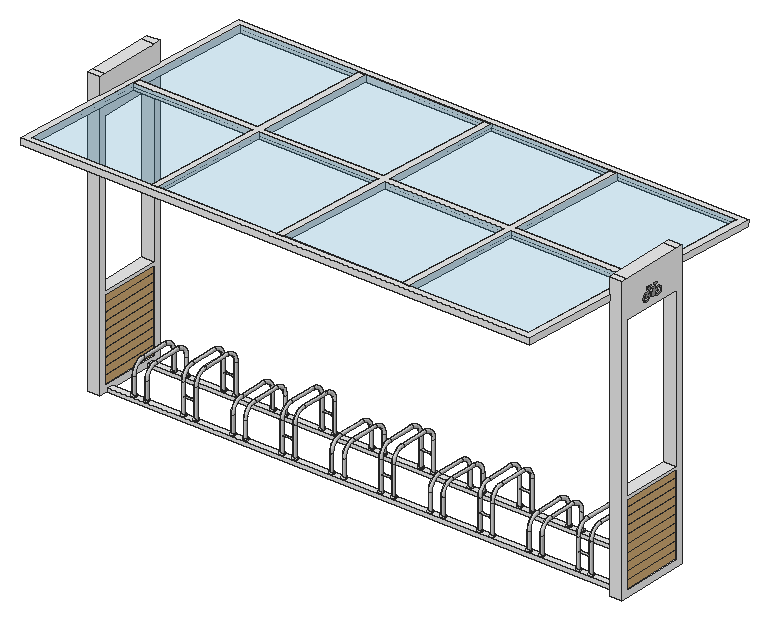
Revit family "L-FUM_자전거보관대_DWC-185_데오스웍스", category 일반 모델, Revit 2019
Family settings
  보강 철근 호스트 가능 = 아니오
  원형 커넥터 치수 = 지름 사용
  부품 유형 = 보통
  작업 기준면 기반 = 아니오
  항상 수직 = 예
  로드될 때 보이드를 사용하여 절단 = 아니오
  공유 = 아니오
  룸 계산 점 = 아니오
Parameters
  한국산업규격KS = ""
  조달청표준공사코드-세부공종 = "24211144"
  건설정보분류체계-부위분류 = "E94390"
  LIM_INFO_주의사항 = "재배포, 재가공, 판매 금지"
  LIM_INFO_제품업체 = "데오스웍스"
  LIM_INFO_제품번호 = "DWC-185"
  LIM_INFO_제품명 = "자전거보관대_DWC-185"
  LIM_INFO_제작일 = "2021.12."
  LIM_INFO_재료 = "Stl Plate, Stl Pipe"
  LIM_INFO_업체정보 = ""
  LIM_INFO_업체URL = "https://www.deosworks.com"
  LIM_INFO_업체TEL = "02-862-3444"
  LIM_INFO_업체EMAIL = "info@deosworks.com"
  LIM_INFO_버전 = "2022_V01"
  LIM_INFO_기타정보 = ""
  LIM_INFO_규격 = "W4300 x D2200 x H2300"
  LIM_INFO_가격 = 0
  LIM_INFO_PV_포장재여부 = yes
  LIM_INFO_PV_면적 = 0.00 m²
  KBIMS_식별-버전 = ""
  KBIMS_식별-bSK등록번호 = ""
  KBIMS_보급정보-저작자 = "림인포테크_MMJ"
  KBIMS_보급정보-보급코드 = ""
Reference planes
  plane 1 "중심(앞/뒤)": y = 0
  plane 2: z = 0
  plane 3 "중심(왼쪽/오른쪽)": x = 0
Dimensions and locks
  aligned and locked: level to plane 2
Nested families
  nested 1: "DWC-185_base" at (0, 0, 0), type "DWC-185_base"
Definition of nested family "DWC-185_base"
  Reference planes
    plane 1 "중심(앞/뒤)": y = 0
    plane 2: z = 0
    plane 3 "중심(왼쪽/오른쪽)": x = 0
  Forms (mm)
    Extrusion 1, solid, detail levels fine
      sketch origin (0, 0, 0) x (0, 1, 0) y (0, 0, 1)
        loop
          line (550, 2300) -> (50, 2300) -> (0, 2300) -> (0, 0) -> (50, 0) -> (550, 0) -> (600, 0) -> (600, 2300) -> (550, 2300)
        loop
          line (50, 2000) -> (50, 725) -> (550, 725) -> (550, 2000) -> (50, 2000)
        loop
          line (50, 705) -> (50, 50) -> (550, 50) -> (550, 705) -> (50, 705)
      from 0 to 100
    Extrusion 2, solid, detail levels fine
      sketch origin (0, 0, 0) x (0, 1, 0) y (0, 0, 1)
        loop
          line (319.966, 2123.881) -> (273.222, 2123.881)
          arc (273.222, 2123.881) -> (271.522, 2120.638) -> (269.769, 2117.424) r 222.477
          line (269.769, 2117.424) -> (300.653, 2087.68) -> (310.305, 2087.68) -> (319.966, 2123.881)
        loop
          arc (336.18, 2105.777) -> (377.684, 2056.828) -> (340.121, 2108.863) r 32.113
          line (340.121, 2108.863) -> (325.965, 2126.944) -> (328.019, 2134.64) -> (333.134, 2141.715) -> (336.031, 2140.514) -> (337.274, 2140.183) -> (338.544, 2139.993) -> (339.664, 2139.97) -> (340.878, 2140.108) -> (342.411, 2140.465) -> (343.522, 2140.885) -> (344.606, 2141.486) -> (345.556, 2142.233)
          arc (345.556, 2142.233) -> (347.195, 2144.644) -> (347.144, 2147.559) r 4.818
          arc (347.144, 2147.559) -> (346.757, 2148.376) -> (346.192, 2149.081) r 3.879
          arc (346.192, 2149.081) -> (345.451, 2149.71) -> (344.625, 2150.22) r 6.463
          arc (344.625, 2150.22) -> (343.542, 2150.662) -> (342.398, 2150.901) r 6.463
          arc (342.398, 2150.901) -> (341.18, 2150.961) -> (339.966, 2150.858) r 9.173
          arc (339.966, 2150.858) -> (336.322, 2149.914) -> (332.582, 2149.495) r 26.522
          arc (332.582, 2149.495) -> (327.12, 2150.056) -> (321.716, 2151.022) r 73.714
          arc (321.716, 2151.022) -> (318.246, 2151.394) -> (314.776, 2151.022) r 16.329
          arc (314.776, 2151.022) -> (313.863, 2149.796) -> (314.776, 2148.57) r 1.279
          line (314.776, 2148.57) -> (321.48, 2146.572) -> (328.565, 2143.939) -> (323.421, 2136.824) -> (321.302, 2128.887) -> (275.714, 2128.887)
          arc (275.714, 2128.887) -> (280.627, 2139.811) -> (284.943, 2150.984) r 222.061
          line (284.943, 2150.984) -> (250.439, 2150.984)
          arc (250.439, 2150.984) -> (241.433, 2141.977) -> (250.439, 2132.971) r 9.006
          line (250.439, 2132.971) -> (260.199, 2132.971)
          arc (260.199, 2132.971) -> (262.749, 2135.521) -> (260.199, 2138.072) r 2.551
          line (260.199, 2138.072) -> (250.439, 2138.072)
          arc (250.439, 2138.072) -> (246.486, 2142.025) -> (250.439, 2145.978) r 3.953
          line (250.439, 2145.978) -> (277.725, 2145.978)
          arc (277.725, 2145.978) -> (269.304, 2127.216) -> (259.149, 2109.334) r 217.514
          arc (259.149, 2109.334) -> (223.002, 2056.306) -> (263.182, 2106.347) r 32.113
          arc (263.182, 2106.347) -> (265.223, 2109.627) -> (267.207, 2112.941) r 222.471
          line (267.207, 2112.941) -> (299.359, 2081.977)
          arc (299.359, 2081.977) -> (299.464, 2068.932) -> (311.329, 2063.509) r 12.144
          line (311.329, 2063.509) -> (311.329, 2060.439) -> (323.484, 2060.439) -> (323.484, 2064.269) -> (314.183, 2064.269)
          arc (314.183, 2064.269) -> (321.787, 2075.013) -> (315.137, 2086.372) r 12.144
          line (315.137, 2086.372) -> (324.349, 2120.889) -> (336.18, 2105.777)
        loop
          line (339.277, 2101.822) -> (355.917, 2080.57)
          arc (355.917, 2080.57) -> (359.446, 2080.113) -> (359.857, 2083.648) r 2.5
          line (359.857, 2083.648) -> (343.214, 2104.905)
          arc (343.214, 2104.905) -> (374.6, 2060.771) -> (339.277, 2101.822) r 27.107
        loop
          circle (309.655, 2075.537) r 7.138
        loop
          arc (256.206, 2105.268) -> (248.65, 2094.069) -> (240.099, 2083.61) r 147.137
          arc (240.099, 2083.61) -> (240.47, 2080.216) -> (243.883, 2080.335) r 2.509
          arc (243.883, 2080.335) -> (252.487, 2090.964) -> (260.421, 2102.103) r 222.394
          arc (260.421, 2102.103) -> (225.835, 2060.437) -> (256.206, 2105.268) r 27.107
      from -5 to 0
    Extrusion 3, solid, detail levels fine
      sketch origin (0, 0, 0) x (0, 1, 0) y (0, 0, 1)
        loop
          line (50, 700) -> (50, 640) -> (550, 640) -> (550, 700) -> (50, 700)
        loop
          line (50, 635) -> (50, 575) -> (550, 575) -> (550, 635) -> (50, 635)
        loop
          line (50, 570) -> (50, 510) -> (550, 510) -> (550, 570) -> (50, 570)
        loop
          line (50, 505) -> (50, 445) -> (550, 445) -> (550, 505) -> (50, 505)
        loop
          line (50, 440) -> (50, 380) -> (550, 380) -> (550, 440) -> (50, 440)
        loop
          line (50, 375) -> (50, 315) -> (550, 315) -> (550, 375) -> (50, 375)
        loop
          line (50, 310) -> (50, 250) -> (550, 250) -> (550, 310) -> (50, 310)
        loop
          line (50, 245) -> (50, 185) -> (550, 185) -> (550, 245) -> (50, 245)
        loop
          line (50, 180) -> (50, 120) -> (550, 120) -> (550, 180) -> (50, 180)
        loop
          line (50, 115) -> (50, 55) -> (550, 55) -> (550, 115) -> (50, 115)
      from 10 to 90
    Extrusion 4, solid, detail levels fine
      sketch origin (0, 0, 0) x (0, 1, 0) y (0, 0, 1)
        loop
          line (550, 2300) -> (50, 2300) -> (0, 2300) -> (0, 0) -> (50, 0) -> (550, 0) -> (600, 0) -> (600, 2300) -> (550, 2300)
        loop
          line (50, 2000) -> (50, 725) -> (550, 725) -> (550, 2000) -> (50, 2000)
        loop
          line (50, 705) -> (50, 50) -> (550, 50) -> (550, 705) -> (50, 705)
      from 4200 to 4300
    Extrusion 5, solid, detail levels fine
      sketch origin (0, 0, 0) x (0, 1, 0) y (0, 0, 1)
        loop
          line (50, 700) -> (50, 640) -> (550, 640) -> (550, 700) -> (50, 700)
        loop
          line (50, 635) -> (50, 575) -> (550, 575) -> (550, 635) -> (50, 635)
        loop
          line (50, 570) -> (50, 510) -> (550, 510) -> (550, 570) -> (50, 570)
        loop
          line (50, 505) -> (50, 445) -> (550, 445) -> (550, 505) -> (50, 505)
        loop
          line (50, 440) -> (50, 380) -> (550, 380) -> (550, 440) -> (50, 440)
        loop
          line (50, 375) -> (50, 315) -> (550, 315) -> (550, 375) -> (50, 375)
        loop
          line (50, 310) -> (50, 250) -> (550, 250) -> (550, 310) -> (50, 310)
        loop
          line (50, 245) -> (50, 185) -> (550, 185) -> (550, 245) -> (50, 245)
        loop
          line (50, 180) -> (50, 120) -> (550, 120) -> (550, 180) -> (50, 180)
        loop
          line (50, 115) -> (50, 55) -> (550, 55) -> (550, 115) -> (50, 115)
      from 4210 to 4290
    Extrusion 6, solid, detail levels fine
      sketch origin (4300, 0, 0) x (0, 1, 0) y (0, 0, -1)
        loop
          line (319.966, -2123.881) -> (310.305, -2087.68) -> (300.653, -2087.68) -> (269.769, -2117.424)
          arc (269.769, -2117.424) -> (271.522, -2120.638) -> (273.222, -2123.881) r 222.477
          line (273.222, -2123.881) -> (319.966, -2123.881)
        loop
          line (336.18, -2105.777) -> (324.349, -2120.889) -> (315.137, -2086.372)
          arc (315.137, -2086.372) -> (321.787, -2075.013) -> (314.183, -2064.269) r 12.144
          line (314.183, -2064.269) -> (323.484, -2064.269) -> (323.484, -2060.439) -> (311.329, -2060.439) -> (311.329, -2063.509)
          arc (311.329, -2063.509) -> (299.464, -2068.932) -> (299.359, -2081.977) r 12.144
          line (299.359, -2081.977) -> (267.207, -2112.941)
          arc (267.207, -2112.941) -> (265.223, -2109.627) -> (263.182, -2106.347) r 222.471
          arc (263.182, -2106.347) -> (223.002, -2056.306) -> (259.149, -2109.334) r 32.113
          arc (259.149, -2109.334) -> (269.304, -2127.216) -> (277.725, -2145.978) r 217.514
          line (277.725, -2145.978) -> (250.439, -2145.978)
          arc (250.439, -2145.978) -> (246.486, -2142.025) -> (250.439, -2138.072) r 3.953
          line (250.439, -2138.072) -> (260.199, -2138.072)
          arc (260.199, -2138.072) -> (262.749, -2135.521) -> (260.199, -2132.971) r 2.551
          line (260.199, -2132.971) -> (250.439, -2132.971)
          arc (250.439, -2132.971) -> (241.433, -2141.977) -> (250.439, -2150.984) r 9.006
          line (250.439, -2150.984) -> (284.943, -2150.984)
          arc (284.943, -2150.984) -> (280.627, -2139.811) -> (275.714, -2128.887) r 222.061
          line (275.714, -2128.887) -> (321.302, -2128.887) -> (323.421, -2136.824) -> (328.565, -2143.939) -> (321.48, -2146.572) -> (314.776, -2148.57)
          arc (314.776, -2148.57) -> (313.863, -2149.796) -> (314.776, -2151.022) r 1.279
          arc (314.776, -2151.022) -> (318.246, -2151.394) -> (321.716, -2151.022) r 16.329
          arc (321.716, -2151.022) -> (327.12, -2150.056) -> (332.582, -2149.495) r 73.714
          arc (332.582, -2149.495) -> (336.322, -2149.914) -> (339.966, -2150.858) r 26.522
          arc (339.966, -2150.858) -> (341.18, -2150.961) -> (342.398, -2150.901) r 9.173
          arc (342.398, -2150.901) -> (343.542, -2150.662) -> (344.625, -2150.22) r 6.463
          arc (344.625, -2150.22) -> (345.451, -2149.71) -> (346.192, -2149.081) r 6.463
          arc (346.192, -2149.081) -> (346.757, -2148.376) -> (347.144, -2147.559) r 3.879
          arc (347.144, -2147.559) -> (347.195, -2144.644) -> (345.556, -2142.233) r 4.818
          line (345.556, -2142.233) -> (344.606, -2141.486) -> (343.522, -2140.885) -> (342.411, -2140.465) -> (340.878, -2140.108) -> (339.664, -2139.97) -> (338.544, -2139.993) -> (337.274, -2140.183) -> (336.031, -2140.514) -> (333.134, -2141.715) -> (328.019, -2134.64) -> (325.965, -2126.944) -> (340.121, -2108.863)
          arc (340.121, -2108.863) -> (377.684, -2056.828) -> (336.18, -2105.777) r 32.113
        loop
          arc (339.277, -2101.822) -> (374.6, -2060.771) -> (343.214, -2104.905) r 27.107
          line (343.214, -2104.905) -> (359.857, -2083.648)
          arc (359.857, -2083.648) -> (359.446, -2080.113) -> (355.917, -2080.57) r 2.5
          line (355.917, -2080.57) -> (339.277, -2101.822)
        loop
          circle (309.655, -2075.537) r 7.138
        loop
          arc (256.206, -2105.268) -> (225.835, -2060.437) -> (260.421, -2102.103) r 27.107
          arc (260.421, -2102.103) -> (252.487, -2090.964) -> (243.883, -2080.335) r 222.394
          arc (243.883, -2080.335) -> (240.47, -2080.216) -> (240.099, -2083.61) r 2.509
          arc (240.099, -2083.61) -> (248.65, -2094.069) -> (256.206, -2105.268) r 147.137
      from -5 to 0
    Extrusion 7, solid, detail levels fine
      sketch origin (0, -107.443, 121.8) x (1, 0, 0) y (0, 0.99863, -0.052336)
        loop
          line (100, 1400) -> (100, -797.727) -> (4200, -797.727) -> (4200, 1400) -> (100, 1400)
        loop
          line (4150, -747.778) -> (4150, 1347.781) -> (150, 1347.781) -> (150, -747.778) -> (4150, -747.778)
      from 2000 to 2050
    Extrusion 8, solid, detail levels fine
      sketch origin (0, -107.443, 121.8) x (1, 0, 0) y (0, 0.99863, -0.052336)
        loop
          line (1112.5, 326.111) -> (150, 326.111) -> (150, 273.892) -> (1112.5, 273.892) -> (1112.5, -747.778) -> (1162.5, -747.778) -> (1162.5, 273.892) -> (2125, 273.892) -> (2125, -747.778) -> (2175, -747.778) -> (2175, 273.892) -> (3137.5, 273.892) -> (3137.5, -747.778) -> (3187.5, -747.778) -> (3187.5, 273.892) -> (4150, 273.892) -> (4150, 326.111) -> (3187.5, 326.111) -> (3187.5, 1347.781) -> (3137.5, 1347.781) -> (3137.5, 326.111) -> (2175, 326.111) -> (2175, 1347.781) -> (2125, 1347.781) -> (2125, 326.111) -> (1162.5, 326.111) -> (1162.5, 1347.781) -> (1112.5, 1347.781) -> (1112.5, 326.111)
      from 2000 to 2050
    Extrusion 9, solid, detail levels fine
      sketch origin (0, -107.443, 121.8) x (1, 0, 0) y (0, 0.99863, -0.052336)
        loop
          line (150, 1347.781) -> (150, 326.111) -> (1112.5, 326.111) -> (1112.5, 1347.781) -> (150, 1347.781)
        loop
          line (150, 273.892) -> (150, -747.778) -> (1112.5, -747.778) -> (1112.5, 273.892) -> (150, 273.892)
        loop
          line (1162.5, 273.892) -> (1162.5, -747.778) -> (2125, -747.778) -> (2125, 273.892) -> (1162.5, 273.892)
        loop
          line (2175, 273.892) -> (2175, -747.778) -> (3137.5, -747.778) -> (3137.5, 273.892) -> (2175, 273.892)
        loop
          line (3187.5, 273.892) -> (3187.5, -747.778) -> (4150, -747.778) -> (4150, 273.892) -> (3187.5, 273.892)
        loop
          line (3187.5, 1347.781) -> (3187.5, 326.111) -> (4150, 326.111) -> (4150, 1347.781) -> (3187.5, 1347.781)
        loop
          line (2175, 1347.781) -> (2175, 326.111) -> (3137.5, 326.111) -> (3137.5, 1347.781) -> (2175, 1347.781)
        loop
          line (1162.5, 1347.781) -> (1162.5, 326.111) -> (2125, 326.111) -> (2125, 1347.781) -> (1162.5, 1347.781)
      from 2025 to 2050
    Extrusion 10, solid, detail levels fine
      sketch origin (0, -680, 0) x (1, 0, 0) y (0, 1, 0)
        loop
          line (100, 1200) -> (100, 1150) -> (4200, 1150) -> (4200, 1200) -> (100, 1200)
        loop
          line (4200, 800) -> (100, 800) -> (100, 750) -> (4200, 750) -> (4200, 800)
      from 0 to 30
    Sweep 11, solid, detail levels fine
      path origin (695.931, -679.946, -12) x (0, 1, 0) y (0, 0, 1)
        loop
          line (1174.95, 42) -> (1174.95, 290)
          arc (1174.95, 290) -> (1148.941, 352.791) -> (1086.15, 378.8) r 88.8
          line (1086.15, 378.8) -> (863.85, 378.8)
          arc (863.85, 378.8) -> (801.059, 352.791) -> (775.05, 290) r 88.8
          line (775.05, 290) -> (775.05, 42)
      profile "자전거스윕 : 자전거스윕" origin (695.931, 495.004, 154) x (0, -1, 0) y (1, 0, 0)
        loop
          circle (0, 0) r 11.15
    Sweep 12, solid, detail levels fine
      path origin (798.231, -679.946, -12) x (0, 1, 0) y (0, 0, 1)
        loop
          line (1174.95, 42) -> (1174.95, 290)
          arc (1174.95, 290) -> (1148.941, 352.791) -> (1086.15, 378.8) r 88.8
          line (1086.15, 378.8) -> (863.85, 378.8)
          arc (863.85, 378.8) -> (801.059, 352.791) -> (775.05, 290) r 88.8
          line (775.05, 290) -> (775.05, 42)
      profile "자전거스윕 : 자전거스윕" origin (798.231, 495.004, 154) x (0, -1, 0) y (1, 0, 0)
        loop
          circle (0, 0) r 11.15
    Sweep 13, solid, detail levels fine
      path origin (1490.531, -679.946, -12) x (0, 1, 0) y (0, 0, 1)
        loop
          line (1174.95, 42) -> (1174.95, 290)
          arc (1174.95, 290) -> (1148.941, 352.791) -> (1086.15, 378.8) r 88.8
          line (1086.15, 378.8) -> (863.85, 378.8)
          arc (863.85, 378.8) -> (801.059, 352.791) -> (775.05, 290) r 88.8
          line (775.05, 290) -> (775.05, 42)
      profile "자전거스윕 : 자전거스윕" origin (1490.531, 495.004, 154) x (0, -1, 0) y (1, 0, 0)
        loop
          circle (0, 0) r 11.15
    Sweep 14, solid, detail levels fine
      path origin (1592.831, -679.946, -12) x (0, 1, 0) y (0, 0, 1)
        loop
          line (1174.95, 42) -> (1174.95, 290)
          arc (1174.95, 290) -> (1148.941, 352.791) -> (1086.15, 378.8) r 88.8
          line (1086.15, 378.8) -> (863.85, 378.8)
          arc (863.85, 378.8) -> (801.059, 352.791) -> (775.05, 290) r 88.8
          line (775.05, 290) -> (775.05, 42)
      profile "자전거스윕 : 자전거스윕" origin (1592.831, 495.004, 154) x (0, -1, 0) y (1, 0, 0)
        loop
          circle (0, 0) r 11.15
    Sweep 15, solid, detail levels fine
      path origin (2285.131, -679.946, -12) x (0, 1, 0) y (0, 0, 1)
        loop
          line (1174.95, 42) -> (1174.95, 290)
          arc (1174.95, 290) -> (1148.941, 352.791) -> (1086.15, 378.8) r 88.8
          line (1086.15, 378.8) -> (863.85, 378.8)
          arc (863.85, 378.8) -> (801.059, 352.791) -> (775.05, 290) r 88.8
          line (775.05, 290) -> (775.05, 42)
      profile "자전거스윕 : 자전거스윕" origin (2285.131, 495.004, 154) x (0, -1, 0) y (1, 0, 0)
        loop
          circle (0, 0) r 11.15
    Sweep 16, solid, detail levels fine
      path origin (2387.431, -679.946, -12) x (0, 1, 0) y (0, 0, 1)
        loop
          line (1174.95, 42) -> (1174.95, 290)
          arc (1174.95, 290) -> (1148.941, 352.791) -> (1086.15, 378.8) r 88.8
          line (1086.15, 378.8) -> (863.85, 378.8)
          arc (863.85, 378.8) -> (801.059, 352.791) -> (775.05, 290) r 88.8
          line (775.05, 290) -> (775.05, 42)
      profile "자전거스윕 : 자전거스윕" origin (2387.431, 495.004, 154) x (0, -1, 0) y (1, 0, 0)
        loop
          circle (0, 0) r 11.15
    Sweep 17, solid, detail levels fine
      path origin (3079.731, -679.946, -12) x (0, 1, 0) y (0, 0, 1)
        loop
          line (1174.95, 42) -> (1174.95, 290)
          arc (1174.95, 290) -> (1148.941, 352.791) -> (1086.15, 378.8) r 88.8
          line (1086.15, 378.8) -> (863.85, 378.8)
          arc (863.85, 378.8) -> (801.059, 352.791) -> (775.05, 290) r 88.8
          line (775.05, 290) -> (775.05, 42)
      profile "자전거스윕 : 자전거스윕" origin (3079.731, 495.004, 154) x (0, -1, 0) y (1, 0, 0)
        loop
          circle (0, 0) r 11.15
    Sweep 18, solid, detail levels fine
      path origin (3182.031, -679.946, -12) x (0, 1, 0) y (0, 0, 1)
        loop
          line (1174.95, 42) -> (1174.95, 290)
          arc (1174.95, 290) -> (1148.941, 352.791) -> (1086.15, 378.8) r 88.8
          line (1086.15, 378.8) -> (863.85, 378.8)
          arc (863.85, 378.8) -> (801.059, 352.791) -> (775.05, 290) r 88.8
          line (775.05, 290) -> (775.05, 42)
      profile "자전거스윕 : 자전거스윕" origin (3182.031, 495.004, 154) x (0, -1, 0) y (1, 0, 0)
        loop
          circle (0, 0) r 11.15
    Sweep 19, solid, detail levels fine
      path origin (3874.331, -679.946, -12) x (0, 1, 0) y (0, 0, 1)
        loop
          line (1174.95, 42) -> (1174.95, 290)
          arc (1174.95, 290) -> (1148.941, 352.791) -> (1086.15, 378.8) r 88.8
          line (1086.15, 378.8) -> (863.85, 378.8)
          arc (863.85, 378.8) -> (801.059, 352.791) -> (775.05, 290) r 88.8
          line (775.05, 290) -> (775.05, 42)
      profile "자전거스윕 : 자전거스윕" origin (3874.331, 495.004, 154) x (0, -1, 0) y (1, 0, 0)
        loop
          circle (0, 0) r 11.15
    Sweep 20, solid, detail levels fine
      path origin (3976.631, -679.946, -12) x (0, 1, 0) y (0, 0, 1)
        loop
          line (1174.95, 42) -> (1174.95, 290)
          arc (1174.95, 290) -> (1148.941, 352.791) -> (1086.15, 378.8) r 88.8
          line (1086.15, 378.8) -> (863.85, 378.8)
          arc (863.85, 378.8) -> (801.059, 352.791) -> (775.05, 290) r 88.8
          line (775.05, 290) -> (775.05, 42)
      profile "자전거스윕 : 자전거스윕" origin (3976.631, 495.004, 154) x (0, -1, 0) y (1, 0, 0)
        loop
          circle (0, 0) r 11.15
    Sweep 21, solid, detail levels fine
      path origin (400.85, -679.946, -12) x (0, 1, 0) y (0, 0, 1)
        loop
          line (1174.95, 42) -> (1174.95, 190)
          arc (1174.95, 190) -> (1148.941, 252.791) -> (1086.15, 278.8) r 88.8
          line (1086.15, 278.8) -> (863.85, 278.8)
          arc (863.85, 278.8) -> (801.059, 252.791) -> (775.05, 190) r 88.8
          line (775.05, 190) -> (775.05, 42)
      profile "자전거스윕 : 자전거스윕" origin (400.85, 495.004, 104) x (0, -1, 0) y (1, 0, 0)
        loop
          circle (0, 0) r 11.15
    Sweep 22, solid, detail levels fine
      path origin (298.55, -679.946, -12) x (0, 1, 0) y (0, 0, 1)
        loop
          line (1174.95, 42) -> (1174.95, 190)
          arc (1174.95, 190) -> (1148.941, 252.791) -> (1086.15, 278.8) r 88.8
          line (1086.15, 278.8) -> (863.85, 278.8)
          arc (863.85, 278.8) -> (801.059, 252.791) -> (775.05, 190) r 88.8
          line (775.05, 190) -> (775.05, 42)
      profile "자전거스윕 : 자전거스윕" origin (298.55, 495.004, 104) x (0, -1, 0) y (1, 0, 0)
        loop
          circle (0, 0) r 11.15
    Sweep 23, solid, detail levels fine
      path origin (1195.45, -679.946, -12) x (0, 1, 0) y (0, 0, 1)
        loop
          line (1174.95, 42) -> (1174.95, 190)
          arc (1174.95, 190) -> (1148.941, 252.791) -> (1086.15, 278.8) r 88.8
          line (1086.15, 278.8) -> (863.85, 278.8)
          arc (863.85, 278.8) -> (801.059, 252.791) -> (775.05, 190) r 88.8
          line (775.05, 190) -> (775.05, 42)
      profile "자전거스윕 : 자전거스윕" origin (1195.45, 495.004, 104) x (0, -1, 0) y (1, 0, 0)
        loop
          circle (0, 0) r 11.15
    Sweep 24, solid, detail levels fine
      path origin (1093.15, -679.946, -12) x (0, 1, 0) y (0, 0, 1)
        loop
          line (1174.95, 42) -> (1174.95, 190)
          arc (1174.95, 190) -> (1148.941, 252.791) -> (1086.15, 278.8) r 88.8
          line (1086.15, 278.8) -> (863.85, 278.8)
          arc (863.85, 278.8) -> (801.059, 252.791) -> (775.05, 190) r 88.8
          line (775.05, 190) -> (775.05, 42)
      profile "자전거스윕 : 자전거스윕" origin (1093.15, 495.004, 104) x (0, -1, 0) y (1, 0, 0)
        loop
          circle (0, 0) r 11.15
    Sweep 25, solid, detail levels fine
      path origin (1990.05, -679.946, -12) x (0, 1, 0) y (0, 0, 1)
        loop
          line (1174.95, 42) -> (1174.95, 190)
          arc (1174.95, 190) -> (1148.941, 252.791) -> (1086.15, 278.8) r 88.8
          line (1086.15, 278.8) -> (863.85, 278.8)
          arc (863.85, 278.8) -> (801.059, 252.791) -> (775.05, 190) r 88.8
          line (775.05, 190) -> (775.05, 42)
      profile "자전거스윕 : 자전거스윕" origin (1990.05, 495.004, 104) x (0, -1, 0) y (1, 0, 0)
        loop
          circle (0, 0) r 11.15
    Sweep 26, solid, detail levels fine
      path origin (1887.75, -679.946, -12) x (0, 1, 0) y (0, 0, 1)
        loop
          line (1174.95, 42) -> (1174.95, 190)
          arc (1174.95, 190) -> (1148.941, 252.791) -> (1086.15, 278.8) r 88.8
          line (1086.15, 278.8) -> (863.85, 278.8)
          arc (863.85, 278.8) -> (801.059, 252.791) -> (775.05, 190) r 88.8
          line (775.05, 190) -> (775.05, 42)
      profile "자전거스윕 : 자전거스윕" origin (1887.75, 495.004, 104) x (0, -1, 0) y (1, 0, 0)
        loop
          circle (0, 0) r 11.15
    Sweep 27, solid, detail levels fine
      path origin (2784.65, -679.946, -12) x (0, 1, 0) y (0, 0, 1)
        loop
          line (1174.95, 42) -> (1174.95, 190)
          arc (1174.95, 190) -> (1148.941, 252.791) -> (1086.15, 278.8) r 88.8
          line (1086.15, 278.8) -> (863.85, 278.8)
          arc (863.85, 278.8) -> (801.059, 252.791) -> (775.05, 190) r 88.8
          line (775.05, 190) -> (775.05, 42)
      profile "자전거스윕 : 자전거스윕" origin (2784.65, 495.004, 104) x (0, -1, 0) y (1, 0, 0)
        loop
          circle (0, 0) r 11.15
    Sweep 28, solid, detail levels fine
      path origin (2682.35, -679.946, -12) x (0, 1, 0) y (0, 0, 1)
        loop
          line (1174.95, 42) -> (1174.95, 190)
          arc (1174.95, 190) -> (1148.941, 252.791) -> (1086.15, 278.8) r 88.8
          line (1086.15, 278.8) -> (863.85, 278.8)
          arc (863.85, 278.8) -> (801.059, 252.791) -> (775.05, 190) r 88.8
          line (775.05, 190) -> (775.05, 42)
      profile "자전거스윕 : 자전거스윕" origin (2682.35, 495.004, 104) x (0, -1, 0) y (1, 0, 0)
        loop
          circle (0, 0) r 11.15
    Sweep 29, solid, detail levels fine
      path origin (3579.25, -679.946, -12) x (0, 1, 0) y (0, 0, 1)
        loop
          line (1174.95, 42) -> (1174.95, 190)
          arc (1174.95, 190) -> (1148.941, 252.791) -> (1086.15, 278.8) r 88.8
          line (1086.15, 278.8) -> (863.85, 278.8)
          arc (863.85, 278.8) -> (801.059, 252.791) -> (775.05, 190) r 88.8
          line (775.05, 190) -> (775.05, 42)
      profile "자전거스윕 : 자전거스윕" origin (3579.25, 495.004, 104) x (0, -1, 0) y (1, 0, 0)
        loop
          circle (0, 0) r 11.15
    Sweep 30, solid, detail levels fine
      path origin (3476.95, -679.946, -12) x (0, 1, 0) y (0, 0, 1)
        loop
          line (1174.95, 42) -> (1174.95, 190)
          arc (1174.95, 190) -> (1148.941, 252.791) -> (1086.15, 278.8) r 88.8
          line (1086.15, 278.8) -> (863.85, 278.8)
          arc (863.85, 278.8) -> (801.059, 252.791) -> (775.05, 190) r 88.8
          line (775.05, 190) -> (775.05, 42)
      profile "자전거스윕 : 자전거스윕" origin (3476.95, 495.004, 104) x (0, -1, 0) y (1, 0, 0)
        loop
          circle (0, 0) r 11.15
    Sweep 31, solid, detail levels fine
      path origin (-0.38, 97.596, 0) x (1, 0, 0) y (0, 0, 1)
        loop
          line (3880.861, 166.262) -> (3970.861, 166.262)
      profile "자전거스윕2 : 자전거스윕2" origin (3925.481, 97.596, 166.262) x (0, 0, 1) y (0, -1, 0)
        loop
          circle (0, 0) r 6.35
    Sweep 32, solid, detail levels fine
      path origin (-0.38, 497.596, 0) x (1, 0, 0) y (0, 0, 1)
        loop
          line (3880.861, 166.262) -> (3970.861, 166.262)
      profile "자전거스윕2 : 자전거스윕2" origin (3925.481, 497.596, 166.262) x (0, 0, 1) y (0, -1, 0)
        loop
          circle (0, 0) r 6.35
    Sweep 33, solid, detail levels fine
      path origin (-794.98, 97.596, 0) x (1, 0, 0) y (0, 0, 1)
        loop
          line (3880.861, 166.262) -> (3970.861, 166.262)
      profile "자전거스윕2 : 자전거스윕2" origin (3130.881, 97.596, 166.262) x (0, 0, 1) y (0, -1, 0)
        loop
          circle (0, 0) r 6.35
    Sweep 34, solid, detail levels fine
      path origin (-794.98, 497.596, 0) x (1, 0, 0) y (0, 0, 1)
        loop
          line (3880.861, 166.262) -> (3970.861, 166.262)
      profile "자전거스윕2 : 자전거스윕2" origin (3130.881, 497.596, 166.262) x (0, 0, 1) y (0, -1, 0)
        loop
          circle (0, 0) r 6.35
    Sweep 35, solid, detail levels fine
      path origin (-1589.58, 97.596, 0) x (1, 0, 0) y (0, 0, 1)
        loop
          line (3880.861, 166.262) -> (3970.861, 166.262)
      profile "자전거스윕2 : 자전거스윕2" origin (2336.281, 97.596, 166.262) x (0, 0, 1) y (0, -1, 0)
        loop
          circle (0, 0) r 6.35
    Sweep 36, solid, detail levels fine
      path origin (-1589.58, 497.596, 0) x (1, 0, 0) y (0, 0, 1)
        loop
          line (3880.861, 166.262) -> (3970.861, 166.262)
      profile "자전거스윕2 : 자전거스윕2" origin (2336.281, 497.596, 166.262) x (0, 0, 1) y (0, -1, 0)
        loop
          circle (0, 0) r 6.35
    Sweep 37, solid, detail levels fine
      path origin (-2384.18, 97.596, 0) x (1, 0, 0) y (0, 0, 1)
        loop
          line (3880.861, 166.262) -> (3970.861, 166.262)
      profile "자전거스윕2 : 자전거스윕2" origin (1541.681, 97.596, 166.262) x (0, 0, 1) y (0, -1, 0)
        loop
          circle (0, 0) r 6.35
    Sweep 38, solid, detail levels fine
      path origin (-2384.18, 497.596, 0) x (1, 0, 0) y (0, 0, 1)
        loop
          line (3880.861, 166.262) -> (3970.861, 166.262)
      profile "자전거스윕2 : 자전거스윕2" origin (1541.681, 497.596, 166.262) x (0, 0, 1) y (0, -1, 0)
        loop
          circle (0, 0) r 6.35
    Sweep 39, solid, detail levels fine
      path origin (-3178.78, 97.596, 0) x (1, 0, 0) y (0, 0, 1)
        loop
          line (3880.861, 166.262) -> (3970.861, 166.262)
      profile "자전거스윕2 : 자전거스윕2" origin (747.081, 97.596, 166.262) x (0, 0, 1) y (0, -1, 0)
        loop
          circle (0, 0) r 6.35
    Sweep 40, solid, detail levels fine
      path origin (-3178.78, 497.596, 0) x (1, 0, 0) y (0, 0, 1)
        loop
          line (3880.861, 166.262) -> (3970.861, 166.262)
      profile "자전거스윕2 : 자전거스윕2" origin (747.081, 497.596, 166.262) x (0, 0, 1) y (0, -1, 0)
        loop
          circle (0, 0) r 6.35
    Revolve 41, solid, detail levels fine
      sketch origin (0, 95.399, 12.438) x (1, 0, 0) y (0, 0, 1)
        loop
          line (3976.96, 29.562) -> (3976.96, 17.562) -> (3996.109, 17.562) -> (3996.109, 22.562)
          arc (3996.109, 22.562) -> (3994.058, 27.511) -> (3989.109, 29.562) r 7
          line (3989.109, 29.562) -> (3976.96, 29.562)
        axis (3976.96, 29.562) -> (3976.96, 17.562)
      angle from 0 to 360
    Revolve 42, solid, detail levels fine
      sketch origin (-102.198, 95.399, 12.438) x (1, 0, 0) y (0, 0, 1)
        loop
          line (3976.96, 29.562) -> (3976.96, 17.562) -> (3996.109, 17.562) -> (3996.109, 22.562)
          arc (3996.109, 22.562) -> (3994.058, 27.511) -> (3989.109, 29.562) r 7
          line (3989.109, 29.562) -> (3976.96, 29.562)
        axis (3976.96, 29.562) -> (3976.96, 17.562)
      angle from 0 to 360
    Revolve 43, solid, detail levels fine
      sketch origin (-397.3, 95.399, 12.438) x (1, 0, 0) y (0, 0, 1)
        loop
          line (3976.96, 29.562) -> (3976.96, 17.562) -> (3996.109, 17.562) -> (3996.109, 22.562)
          arc (3996.109, 22.562) -> (3994.058, 27.511) -> (3989.109, 29.562) r 7
          line (3989.109, 29.562) -> (3976.96, 29.562)
        axis (3976.96, 29.562) -> (3976.96, 17.562)
      angle from 0 to 360
    Revolve 44, solid, detail levels fine
      sketch origin (-499.498, 95.399, 12.438) x (1, 0, 0) y (0, 0, 1)
        loop
          line (3976.96, 29.562) -> (3976.96, 17.562) -> (3996.109, 17.562) -> (3996.109, 22.562)
          arc (3996.109, 22.562) -> (3994.058, 27.511) -> (3989.109, 29.562) r 7
          line (3989.109, 29.562) -> (3976.96, 29.562)
        axis (3976.96, 29.562) -> (3976.96, 17.562)
      angle from 0 to 360
    Revolve 45, solid, detail levels fine
      sketch origin (-794.6, 95.399, 12.438) x (1, 0, 0) y (0, 0, 1)
        loop
          line (3976.96, 29.562) -> (3976.96, 17.562) -> (3996.109, 17.562) -> (3996.109, 22.562)
          arc (3996.109, 22.562) -> (3994.058, 27.511) -> (3989.109, 29.562) r 7
          line (3989.109, 29.562) -> (3976.96, 29.562)
        axis (3976.96, 29.562) -> (3976.96, 17.562)
      angle from 0 to 360
    Revolve 46, solid, detail levels fine
      sketch origin (-896.798, 95.399, 12.438) x (1, 0, 0) y (0, 0, 1)
        loop
          line (3976.96, 29.562) -> (3976.96, 17.562) -> (3996.109, 17.562) -> (3996.109, 22.562)
          arc (3996.109, 22.562) -> (3994.058, 27.511) -> (3989.109, 29.562) r 7
          line (3989.109, 29.562) -> (3976.96, 29.562)
        axis (3976.96, 29.562) -> (3976.96, 17.562)
      angle from 0 to 360
    Revolve 47, solid, detail levels fine
      sketch origin (-1191.9, 95.399, 12.438) x (1, 0, 0) y (0, 0, 1)
        loop
          line (3976.96, 29.562) -> (3976.96, 17.562) -> (3996.109, 17.562) -> (3996.109, 22.562)
          arc (3996.109, 22.562) -> (3994.058, 27.511) -> (3989.109, 29.562) r 7
          line (3989.109, 29.562) -> (3976.96, 29.562)
        axis (3976.96, 29.562) -> (3976.96, 17.562)
      angle from 0 to 360
    Revolve 48, solid, detail levels fine
      sketch origin (-1294.098, 95.399, 12.438) x (1, 0, 0) y (0, 0, 1)
        loop
          line (3976.96, 29.562) -> (3976.96, 17.562) -> (3996.109, 17.562) -> (3996.109, 22.562)
          arc (3996.109, 22.562) -> (3994.058, 27.511) -> (3989.109, 29.562) r 7
          line (3989.109, 29.562) -> (3976.96, 29.562)
        axis (3976.96, 29.562) -> (3976.96, 17.562)
      angle from 0 to 360
    Revolve 49, solid, detail levels fine
      sketch origin (-1589.2, 95.399, 12.438) x (1, 0, 0) y (0, 0, 1)
        loop
          line (3976.96, 29.562) -> (3976.96, 17.562) -> (3996.109, 17.562) -> (3996.109, 22.562)
          arc (3996.109, 22.562) -> (3994.058, 27.511) -> (3989.109, 29.562) r 7
          line (3989.109, 29.562) -> (3976.96, 29.562)
        axis (3976.96, 29.562) -> (3976.96, 17.562)
      angle from 0 to 360
    Revolve 50, solid, detail levels fine
      sketch origin (-1691.398, 95.399, 12.438) x (1, 0, 0) y (0, 0, 1)
        loop
          line (3976.96, 29.562) -> (3976.96, 17.562) -> (3996.109, 17.562) -> (3996.109, 22.562)
          arc (3996.109, 22.562) -> (3994.058, 27.511) -> (3989.109, 29.562) r 7
          line (3989.109, 29.562) -> (3976.96, 29.562)
        axis (3976.96, 29.562) -> (3976.96, 17.562)
      angle from 0 to 360
    Revolve 51, solid, detail levels fine
      sketch origin (-1986.5, 95.399, 12.438) x (1, 0, 0) y (0, 0, 1)
        loop
          line (3976.96, 29.562) -> (3976.96, 17.562) -> (3996.109, 17.562) -> (3996.109, 22.562)
          arc (3996.109, 22.562) -> (3994.058, 27.511) -> (3989.109, 29.562) r 7
          line (3989.109, 29.562) -> (3976.96, 29.562)
        axis (3976.96, 29.562) -> (3976.96, 17.562)
      angle from 0 to 360
    Revolve 52, solid, detail levels fine
      sketch origin (-2088.698, 95.399, 12.438) x (1, 0, 0) y (0, 0, 1)
        loop
          line (3976.96, 29.562) -> (3976.96, 17.562) -> (3996.109, 17.562) -> (3996.109, 22.562)
          arc (3996.109, 22.562) -> (3994.058, 27.511) -> (3989.109, 29.562) r 7
          line (3989.109, 29.562) -> (3976.96, 29.562)
        axis (3976.96, 29.562) -> (3976.96, 17.562)
      angle from 0 to 360
    Revolve 53, solid, detail levels fine
      sketch origin (-2383.8, 95.399, 12.438) x (1, 0, 0) y (0, 0, 1)
        loop
          line (3976.96, 29.562) -> (3976.96, 17.562) -> (3996.109, 17.562) -> (3996.109, 22.562)
          arc (3996.109, 22.562) -> (3994.058, 27.511) -> (3989.109, 29.562) r 7
          line (3989.109, 29.562) -> (3976.96, 29.562)
        axis (3976.96, 29.562) -> (3976.96, 17.562)
      angle from 0 to 360
    Revolve 54, solid, detail levels fine
      sketch origin (-2485.998, 95.399, 12.438) x (1, 0, 0) y (0, 0, 1)
        loop
          line (3976.96, 29.562) -> (3976.96, 17.562) -> (3996.109, 17.562) -> (3996.109, 22.562)
          arc (3996.109, 22.562) -> (3994.058, 27.511) -> (3989.109, 29.562) r 7
          line (3989.109, 29.562) -> (3976.96, 29.562)
        axis (3976.96, 29.562) -> (3976.96, 17.562)
      angle from 0 to 360
    Revolve 55, solid, detail levels fine
      sketch origin (-2781.1, 95.399, 12.438) x (1, 0, 0) y (0, 0, 1)
        loop
          line (3976.96, 29.562) -> (3976.96, 17.562) -> (3996.109, 17.562) -> (3996.109, 22.562)
          arc (3996.109, 22.562) -> (3994.058, 27.511) -> (3989.109, 29.562) r 7
          line (3989.109, 29.562) -> (3976.96, 29.562)
        axis (3976.96, 29.562) -> (3976.96, 17.562)
      angle from 0 to 360
    Revolve 56, solid, detail levels fine
      sketch origin (-2883.298, 95.399, 12.438) x (1, 0, 0) y (0, 0, 1)
        loop
          line (3976.96, 29.562) -> (3976.96, 17.562) -> (3996.109, 17.562) -> (3996.109, 22.562)
          arc (3996.109, 22.562) -> (3994.058, 27.511) -> (3989.109, 29.562) r 7
          line (3989.109, 29.562) -> (3976.96, 29.562)
        axis (3976.96, 29.562) -> (3976.96, 17.562)
      angle from 0 to 360
    Revolve 57, solid, detail levels fine
      sketch origin (-3178.4, 95.399, 12.438) x (1, 0, 0) y (0, 0, 1)
        loop
          line (3976.96, 29.562) -> (3976.96, 17.562) -> (3996.109, 17.562) -> (3996.109, 22.562)
          arc (3996.109, 22.562) -> (3994.058, 27.511) -> (3989.109, 29.562) r 7
          line (3989.109, 29.562) -> (3976.96, 29.562)
        axis (3976.96, 29.562) -> (3976.96, 17.562)
      angle from 0 to 360
    Revolve 58, solid, detail levels fine
      sketch origin (-3280.598, 95.399, 12.438) x (1, 0, 0) y (0, 0, 1)
        loop
          line (3976.96, 29.562) -> (3976.96, 17.562) -> (3996.109, 17.562) -> (3996.109, 22.562)
          arc (3996.109, 22.562) -> (3994.058, 27.511) -> (3989.109, 29.562) r 7
          line (3989.109, 29.562) -> (3976.96, 29.562)
        axis (3976.96, 29.562) -> (3976.96, 17.562)
      angle from 0 to 360
    Revolve 59, solid, detail levels fine
      sketch origin (-3575.7, 95.399, 12.438) x (1, 0, 0) y (0, 0, 1)
        loop
          line (3976.96, 29.562) -> (3976.96, 17.562) -> (3996.109, 17.562) -> (3996.109, 22.562)
          arc (3996.109, 22.562) -> (3994.058, 27.511) -> (3989.109, 29.562) r 7
          line (3989.109, 29.562) -> (3976.96, 29.562)
        axis (3976.96, 29.562) -> (3976.96, 17.562)
      angle from 0 to 360
    Revolve 60, solid, detail levels fine
      sketch origin (-3677.898, 95.399, 12.438) x (1, 0, 0) y (0, 0, 1)
        loop
          line (3976.96, 29.562) -> (3976.96, 17.562) -> (3996.109, 17.562) -> (3996.109, 22.562)
          arc (3996.109, 22.562) -> (3994.058, 27.511) -> (3989.109, 29.562) r 7
          line (3989.109, 29.562) -> (3976.96, 29.562)
        axis (3976.96, 29.562) -> (3976.96, 17.562)
      angle from 0 to 360
    Revolve 61, solid, detail levels fine
      sketch origin (0, 498.138, 12.438) x (1, 0, 0) y (0, 0, 1)
        loop
          line (3976.96, 29.562) -> (3976.96, 17.562) -> (3996.109, 17.562) -> (3996.109, 22.562)
          arc (3996.109, 22.562) -> (3994.058, 27.511) -> (3989.109, 29.562) r 7
          line (3989.109, 29.562) -> (3976.96, 29.562)
        axis (3976.96, 29.562) -> (3976.96, 17.562)
      angle from 0 to 360
    Revolve 62, solid, detail levels fine
      sketch origin (-102.198, 498.138, 12.438) x (1, 0, 0) y (0, 0, 1)
        loop
          line (3976.96, 29.562) -> (3976.96, 17.562) -> (3996.109, 17.562) -> (3996.109, 22.562)
          arc (3996.109, 22.562) -> (3994.058, 27.511) -> (3989.109, 29.562) r 7
          line (3989.109, 29.562) -> (3976.96, 29.562)
        axis (3976.96, 29.562) -> (3976.96, 17.562)
      angle from 0 to 360
    Revolve 63, solid, detail levels fine
      sketch origin (-397.3, 498.138, 12.438) x (1, 0, 0) y (0, 0, 1)
        loop
          line (3976.96, 29.562) -> (3976.96, 17.562) -> (3996.109, 17.562) -> (3996.109, 22.562)
          arc (3996.109, 22.562) -> (3994.058, 27.511) -> (3989.109, 29.562) r 7
          line (3989.109, 29.562) -> (3976.96, 29.562)
        axis (3976.96, 29.562) -> (3976.96, 17.562)
      angle from 0 to 360
    Revolve 64, solid, detail levels fine
      sketch origin (-499.498, 498.138, 12.438) x (1, 0, 0) y (0, 0, 1)
        loop
          line (3976.96, 29.562) -> (3976.96, 17.562) -> (3996.109, 17.562) -> (3996.109, 22.562)
          arc (3996.109, 22.562) -> (3994.058, 27.511) -> (3989.109, 29.562) r 7
          line (3989.109, 29.562) -> (3976.96, 29.562)
        axis (3976.96, 29.562) -> (3976.96, 17.562)
      angle from 0 to 360
    Revolve 65, solid, detail levels fine
      sketch origin (-794.6, 498.138, 12.438) x (1, 0, 0) y (0, 0, 1)
        loop
          line (3976.96, 29.562) -> (3976.96, 17.562) -> (3996.109, 17.562) -> (3996.109, 22.562)
          arc (3996.109, 22.562) -> (3994.058, 27.511) -> (3989.109, 29.562) r 7
          line (3989.109, 29.562) -> (3976.96, 29.562)
        axis (3976.96, 29.562) -> (3976.96, 17.562)
      angle from 0 to 360
    Revolve 66, solid, detail levels fine
      sketch origin (-896.798, 498.138, 12.438) x (1, 0, 0) y (0, 0, 1)
        loop
          line (3976.96, 29.562) -> (3976.96, 17.562) -> (3996.109, 17.562) -> (3996.109, 22.562)
          arc (3996.109, 22.562) -> (3994.058, 27.511) -> (3989.109, 29.562) r 7
          line (3989.109, 29.562) -> (3976.96, 29.562)
        axis (3976.96, 29.562) -> (3976.96, 17.562)
      angle from 0 to 360
    Revolve 67, solid, detail levels fine
      sketch origin (-1191.9, 498.138, 12.438) x (1, 0, 0) y (0, 0, 1)
        loop
          line (3976.96, 29.562) -> (3976.96, 17.562) -> (3996.109, 17.562) -> (3996.109, 22.562)
          arc (3996.109, 22.562) -> (3994.058, 27.511) -> (3989.109, 29.562) r 7
          line (3989.109, 29.562) -> (3976.96, 29.562)
        axis (3976.96, 29.562) -> (3976.96, 17.562)
      angle from 0 to 360
    Revolve 68, solid, detail levels fine
      sketch origin (-1294.098, 498.138, 12.438) x (1, 0, 0) y (0, 0, 1)
        loop
          line (3976.96, 29.562) -> (3976.96, 17.562) -> (3996.109, 17.562) -> (3996.109, 22.562)
          arc (3996.109, 22.562) -> (3994.058, 27.511) -> (3989.109, 29.562) r 7
          line (3989.109, 29.562) -> (3976.96, 29.562)
        axis (3976.96, 29.562) -> (3976.96, 17.562)
      angle from 0 to 360
    Revolve 69, solid, detail levels fine
      sketch origin (-1589.2, 498.138, 12.438) x (1, 0, 0) y (0, 0, 1)
        loop
          line (3976.96, 29.562) -> (3976.96, 17.562) -> (3996.109, 17.562) -> (3996.109, 22.562)
          arc (3996.109, 22.562) -> (3994.058, 27.511) -> (3989.109, 29.562) r 7
          line (3989.109, 29.562) -> (3976.96, 29.562)
        axis (3976.96, 29.562) -> (3976.96, 17.562)
      angle from 0 to 360
    Revolve 70, solid, detail levels fine
      sketch origin (-1691.398, 498.138, 12.438) x (1, 0, 0) y (0, 0, 1)
        loop
          line (3976.96, 29.562) -> (3976.96, 17.562) -> (3996.109, 17.562) -> (3996.109, 22.562)
          arc (3996.109, 22.562) -> (3994.058, 27.511) -> (3989.109, 29.562) r 7
          line (3989.109, 29.562) -> (3976.96, 29.562)
        axis (3976.96, 29.562) -> (3976.96, 17.562)
      angle from 0 to 360
    Revolve 71, solid, detail levels fine
      sketch origin (-1986.5, 498.138, 12.438) x (1, 0, 0) y (0, 0, 1)
        loop
          line (3976.96, 29.562) -> (3976.96, 17.562) -> (3996.109, 17.562) -> (3996.109, 22.562)
          arc (3996.109, 22.562) -> (3994.058, 27.511) -> (3989.109, 29.562) r 7
          line (3989.109, 29.562) -> (3976.96, 29.562)
        axis (3976.96, 29.562) -> (3976.96, 17.562)
      angle from 0 to 360
    Revolve 72, solid, detail levels fine
      sketch origin (-2088.698, 498.138, 12.438) x (1, 0, 0) y (0, 0, 1)
        loop
          line (3976.96, 29.562) -> (3976.96, 17.562) -> (3996.109, 17.562) -> (3996.109, 22.562)
          arc (3996.109, 22.562) -> (3994.058, 27.511) -> (3989.109, 29.562) r 7
          line (3989.109, 29.562) -> (3976.96, 29.562)
        axis (3976.96, 29.562) -> (3976.96, 17.562)
      angle from 0 to 360
    Revolve 73, solid, detail levels fine
      sketch origin (-2383.8, 498.138, 12.438) x (1, 0, 0) y (0, 0, 1)
        loop
          line (3976.96, 29.562) -> (3976.96, 17.562) -> (3996.109, 17.562) -> (3996.109, 22.562)
          arc (3996.109, 22.562) -> (3994.058, 27.511) -> (3989.109, 29.562) r 7
          line (3989.109, 29.562) -> (3976.96, 29.562)
        axis (3976.96, 29.562) -> (3976.96, 17.562)
      angle from 0 to 360
    Revolve 74, solid, detail levels fine
      sketch origin (-2485.998, 498.138, 12.438) x (1, 0, 0) y (0, 0, 1)
        loop
          line (3976.96, 29.562) -> (3976.96, 17.562) -> (3996.109, 17.562) -> (3996.109, 22.562)
          arc (3996.109, 22.562) -> (3994.058, 27.511) -> (3989.109, 29.562) r 7
          line (3989.109, 29.562) -> (3976.96, 29.562)
        axis (3976.96, 29.562) -> (3976.96, 17.562)
      angle from 0 to 360
    Revolve 75, solid, detail levels fine
      sketch origin (-2781.1, 498.138, 12.438) x (1, 0, 0) y (0, 0, 1)
        loop
          line (3976.96, 29.562) -> (3976.96, 17.562) -> (3996.109, 17.562) -> (3996.109, 22.562)
          arc (3996.109, 22.562) -> (3994.058, 27.511) -> (3989.109, 29.562) r 7
          line (3989.109, 29.562) -> (3976.96, 29.562)
        axis (3976.96, 29.562) -> (3976.96, 17.562)
      angle from 0 to 360
    Revolve 76, solid, detail levels fine
      sketch origin (-2883.298, 498.138, 12.438) x (1, 0, 0) y (0, 0, 1)
        loop
          line (3976.96, 29.562) -> (3976.96, 17.562) -> (3996.109, 17.562) -> (3996.109, 22.562)
          arc (3996.109, 22.562) -> (3994.058, 27.511) -> (3989.109, 29.562) r 7
          line (3989.109, 29.562) -> (3976.96, 29.562)
        axis (3976.96, 29.562) -> (3976.96, 17.562)
      angle from 0 to 360
    Revolve 77, solid, detail levels fine
      sketch origin (-3178.4, 498.138, 12.438) x (1, 0, 0) y (0, 0, 1)
        loop
          line (3976.96, 29.562) -> (3976.96, 17.562) -> (3996.109, 17.562) -> (3996.109, 22.562)
          arc (3996.109, 22.562) -> (3994.058, 27.511) -> (3989.109, 29.562) r 7
          line (3989.109, 29.562) -> (3976.96, 29.562)
        axis (3976.96, 29.562) -> (3976.96, 17.562)
      angle from 0 to 360
    Revolve 78, solid, detail levels fine
      sketch origin (-3280.598, 498.138, 12.438) x (1, 0, 0) y (0, 0, 1)
        loop
          line (3976.96, 29.562) -> (3976.96, 17.562) -> (3996.109, 17.562) -> (3996.109, 22.562)
          arc (3996.109, 22.562) -> (3994.058, 27.511) -> (3989.109, 29.562) r 7
          line (3989.109, 29.562) -> (3976.96, 29.562)
        axis (3976.96, 29.562) -> (3976.96, 17.562)
      angle from 0 to 360
    Revolve 79, solid, detail levels fine
      sketch origin (-3575.7, 498.138, 12.438) x (1, 0, 0) y (0, 0, 1)
        loop
          line (3976.96, 29.562) -> (3976.96, 17.562) -> (3996.109, 17.562) -> (3996.109, 22.562)
          arc (3996.109, 22.562) -> (3994.058, 27.511) -> (3989.109, 29.562) r 7
          line (3989.109, 29.562) -> (3976.96, 29.562)
        axis (3976.96, 29.562) -> (3976.96, 17.562)
      angle from 0 to 360
    Revolve 80, solid, detail levels fine
      sketch origin (-3677.898, 498.138, 12.438) x (1, 0, 0) y (0, 0, 1)
        loop
          line (3976.96, 29.562) -> (3976.96, 17.562) -> (3996.109, 17.562) -> (3996.109, 22.562)
          arc (3996.109, 22.562) -> (3994.058, 27.511) -> (3989.109, 29.562) r 7
          line (3989.109, 29.562) -> (3976.96, 29.562)
        axis (3976.96, 29.562) -> (3976.96, 17.562)
      angle from 0 to 360
    Extrusion 81, solid, detail levels coarse+medium
      sketch origin (0, 0, 0) x (0, 1, 0) y (0, 0, 1)
        loop
          line (550, 2300) -> (50, 2300) -> (0, 2300) -> (0, 0) -> (50, 0) -> (550, 0) -> (600, 0) -> (600, 2300) -> (550, 2300)
        loop
          line (50, 2000) -> (50, 725) -> (550, 725) -> (550, 2000) -> (50, 2000)
        loop
          line (50, 705) -> (50, 50) -> (550, 50) -> (550, 705) -> (50, 705)
      from 0 to 100
    Extrusion 82, solid, detail levels coarse+medium
      sketch origin (0, 0, 0) x (0, 1, 0) y (0, 0, 1)
        loop
          line (319.966, 2123.881) -> (273.222, 2123.881)
          arc (273.222, 2123.881) -> (271.522, 2120.638) -> (269.769, 2117.424) r 222.477
          line (269.769, 2117.424) -> (300.653, 2087.68) -> (310.305, 2087.68) -> (319.966, 2123.881)
        loop
          arc (336.18, 2105.777) -> (377.684, 2056.828) -> (340.121, 2108.863) r 32.113
          line (340.121, 2108.863) -> (325.965, 2126.944) -> (328.019, 2134.64) -> (333.134, 2141.715) -> (336.031, 2140.514) -> (337.274, 2140.183) -> (338.544, 2139.993) -> (339.664, 2139.97) -> (340.878, 2140.108) -> (342.411, 2140.465) -> (343.522, 2140.885) -> (344.606, 2141.486) -> (345.556, 2142.233)
          arc (345.556, 2142.233) -> (347.195, 2144.644) -> (347.144, 2147.559) r 4.818
          arc (347.144, 2147.559) -> (346.757, 2148.376) -> (346.192, 2149.081) r 3.879
          arc (346.192, 2149.081) -> (345.451, 2149.71) -> (344.625, 2150.22) r 6.463
          arc (344.625, 2150.22) -> (343.542, 2150.662) -> (342.398, 2150.901) r 6.463
          arc (342.398, 2150.901) -> (341.18, 2150.961) -> (339.966, 2150.858) r 9.173
          arc (339.966, 2150.858) -> (336.322, 2149.914) -> (332.582, 2149.495) r 26.522
          arc (332.582, 2149.495) -> (327.12, 2150.056) -> (321.716, 2151.022) r 73.714
          arc (321.716, 2151.022) -> (318.246, 2151.394) -> (314.776, 2151.022) r 16.329
          arc (314.776, 2151.022) -> (313.863, 2149.796) -> (314.776, 2148.57) r 1.279
          line (314.776, 2148.57) -> (321.48, 2146.572) -> (328.565, 2143.939) -> (323.421, 2136.824) -> (321.302, 2128.887) -> (275.714, 2128.887)
          arc (275.714, 2128.887) -> (280.627, 2139.811) -> (284.943, 2150.984) r 222.061
          line (284.943, 2150.984) -> (250.439, 2150.984)
          arc (250.439, 2150.984) -> (241.433, 2141.977) -> (250.439, 2132.971) r 9.006
          line (250.439, 2132.971) -> (260.199, 2132.971)
          arc (260.199, 2132.971) -> (262.749, 2135.521) -> (260.199, 2138.072) r 2.551
          line (260.199, 2138.072) -> (250.439, 2138.072)
          arc (250.439, 2138.072) -> (246.486, 2142.025) -> (250.439, 2145.978) r 3.953
          line (250.439, 2145.978) -> (277.725, 2145.978)
          arc (277.725, 2145.978) -> (269.304, 2127.216) -> (259.149, 2109.334) r 217.514
          arc (259.149, 2109.334) -> (223.002, 2056.306) -> (263.182, 2106.347) r 32.113
          arc (263.182, 2106.347) -> (265.223, 2109.627) -> (267.207, 2112.941) r 222.471
          line (267.207, 2112.941) -> (299.359, 2081.977)
          arc (299.359, 2081.977) -> (299.464, 2068.932) -> (311.329, 2063.509) r 12.144
          line (311.329, 2063.509) -> (311.329, 2060.439) -> (323.484, 2060.439) -> (323.484, 2064.269) -> (314.183, 2064.269)
          arc (314.183, 2064.269) -> (321.787, 2075.013) -> (315.137, 2086.372) r 12.144
          line (315.137, 2086.372) -> (324.349, 2120.889) -> (336.18, 2105.777)
        loop
          line (339.277, 2101.822) -> (355.917, 2080.57)
          arc (355.917, 2080.57) -> (359.446, 2080.113) -> (359.857, 2083.648) r 2.5
          line (359.857, 2083.648) -> (343.214, 2104.905)
          arc (343.214, 2104.905) -> (374.6, 2060.771) -> (339.277, 2101.822) r 27.107
        loop
          circle (309.655, 2075.537) r 7.138
        loop
          arc (256.206, 2105.268) -> (248.65, 2094.069) -> (240.099, 2083.61) r 147.137
          arc (240.099, 2083.61) -> (240.47, 2080.216) -> (243.883, 2080.335) r 2.509
          arc (243.883, 2080.335) -> (252.487, 2090.964) -> (260.421, 2102.103) r 222.394
          arc (260.421, 2102.103) -> (225.835, 2060.437) -> (256.206, 2105.268) r 27.107
      from -5 to 0
    Extrusion 83, solid, detail levels coarse+medium
      sketch origin (0, 0, 0) x (0, 1, 0) y (0, 0, 1)
        loop
          line (50, 700) -> (50, 115) -> (50, 55) -> (550, 55) -> (550, 115) -> (550, 700) -> (50, 700)
      from 10 to 90
    Extrusion 84, solid, detail levels coarse+medium
      sketch origin (0, 0, 0) x (0, 1, 0) y (0, 0, 1)
        loop
          line (550, 2300) -> (50, 2300) -> (0, 2300) -> (0, 0) -> (50, 0) -> (550, 0) -> (600, 0) -> (600, 2300) -> (550, 2300)
        loop
          line (50, 2000) -> (50, 725) -> (550, 725) -> (550, 2000) -> (50, 2000)
        loop
          line (50, 705) -> (50, 50) -> (550, 50) -> (550, 705) -> (50, 705)
      from 4200 to 4300
    Extrusion 85, solid, detail levels coarse+medium
      sketch origin (0, 0, 0) x (0, 1, 0) y (0, 0, 1)
        loop
          line (50, 700) -> (50, 115) -> (50, 55) -> (550, 55) -> (550, 115) -> (550, 700) -> (50, 700)
      from 4210 to 4290
    Extrusion 86, solid, detail levels coarse+medium
      sketch origin (4300, 0, 0) x (0, 1, 0) y (0, 0, -1)
        loop
          line (319.966, -2123.881) -> (310.305, -2087.68) -> (300.653, -2087.68) -> (269.769, -2117.424)
          arc (269.769, -2117.424) -> (271.522, -2120.638) -> (273.222, -2123.881) r 222.477
          line (273.222, -2123.881) -> (319.966, -2123.881)
        loop
          line (336.18, -2105.777) -> (324.349, -2120.889) -> (315.137, -2086.372)
          arc (315.137, -2086.372) -> (321.787, -2075.013) -> (314.183, -2064.269) r 12.144
          line (314.183, -2064.269) -> (323.484, -2064.269) -> (323.484, -2060.439) -> (311.329, -2060.439) -> (311.329, -2063.509)
          arc (311.329, -2063.509) -> (299.464, -2068.932) -> (299.359, -2081.977) r 12.144
          line (299.359, -2081.977) -> (267.207, -2112.941)
          arc (267.207, -2112.941) -> (265.223, -2109.627) -> (263.182, -2106.347) r 222.471
          arc (263.182, -2106.347) -> (223.002, -2056.306) -> (259.149, -2109.334) r 32.113
          arc (259.149, -2109.334) -> (269.304, -2127.216) -> (277.725, -2145.978) r 217.514
          line (277.725, -2145.978) -> (250.439, -2145.978)
          arc (250.439, -2145.978) -> (246.486, -2142.025) -> (250.439, -2138.072) r 3.953
          line (250.439, -2138.072) -> (260.199, -2138.072)
          arc (260.199, -2138.072) -> (262.749, -2135.521) -> (260.199, -2132.971) r 2.551
          line (260.199, -2132.971) -> (250.439, -2132.971)
          arc (250.439, -2132.971) -> (241.433, -2141.977) -> (250.439, -2150.984) r 9.006
          line (250.439, -2150.984) -> (284.943, -2150.984)
          arc (284.943, -2150.984) -> (280.627, -2139.811) -> (275.714, -2128.887) r 222.061
          line (275.714, -2128.887) -> (321.302, -2128.887) -> (323.421, -2136.824) -> (328.565, -2143.939) -> (321.48, -2146.572) -> (314.776, -2148.57)
          arc (314.776, -2148.57) -> (313.863, -2149.796) -> (314.776, -2151.022) r 1.279
          arc (314.776, -2151.022) -> (318.246, -2151.394) -> (321.716, -2151.022) r 16.329
          arc (321.716, -2151.022) -> (327.12, -2150.056) -> (332.582, -2149.495) r 73.714
          arc (332.582, -2149.495) -> (336.322, -2149.914) -> (339.966, -2150.858) r 26.522
          arc (339.966, -2150.858) -> (341.18, -2150.961) -> (342.398, -2150.901) r 9.173
          arc (342.398, -2150.901) -> (343.542, -2150.662) -> (344.625, -2150.22) r 6.463
          arc (344.625, -2150.22) -> (345.451, -2149.71) -> (346.192, -2149.081) r 6.463
          arc (346.192, -2149.081) -> (346.757, -2148.376) -> (347.144, -2147.559) r 3.879
          arc (347.144, -2147.559) -> (347.195, -2144.644) -> (345.556, -2142.233) r 4.818
          line (345.556, -2142.233) -> (344.606, -2141.486) -> (343.522, -2140.885) -> (342.411, -2140.465) -> (340.878, -2140.108) -> (339.664, -2139.97) -> (338.544, -2139.993) -> (337.274, -2140.183) -> (336.031, -2140.514) -> (333.134, -2141.715) -> (328.019, -2134.64) -> (325.965, -2126.944) -> (340.121, -2108.863)
          arc (340.121, -2108.863) -> (377.684, -2056.828) -> (336.18, -2105.777) r 32.113
        loop
          arc (339.277, -2101.822) -> (374.6, -2060.771) -> (343.214, -2104.905) r 27.107
          line (343.214, -2104.905) -> (359.857, -2083.648)
          arc (359.857, -2083.648) -> (359.446, -2080.113) -> (355.917, -2080.57) r 2.5
          line (355.917, -2080.57) -> (339.277, -2101.822)
        loop
          circle (309.655, -2075.537) r 7.138
        loop
          arc (256.206, -2105.268) -> (225.835, -2060.437) -> (260.421, -2102.103) r 27.107
          arc (260.421, -2102.103) -> (252.487, -2090.964) -> (243.883, -2080.335) r 222.394
          arc (243.883, -2080.335) -> (240.47, -2080.216) -> (240.099, -2083.61) r 2.509
          arc (240.099, -2083.61) -> (248.65, -2094.069) -> (256.206, -2105.268) r 147.137
      from -5 to 0
    Extrusion 87, solid, detail levels coarse+medium
      sketch origin (0, -107.443, 121.8) x (1, 0, 0) y (0, 0.99863, -0.052336)
        loop
          line (100, 1400) -> (100, -797.727) -> (4200, -797.727) -> (4200, 1400) -> (100, 1400)
        loop
          line (4150, -747.778) -> (4150, 1347.781) -> (150, 1347.781) -> (150, -747.778) -> (4150, -747.778)
      from 2000 to 2050
    Extrusion 88, solid, detail levels coarse+medium
      sketch origin (0, -107.443, 121.8) x (1, 0, 0) y (0, 0.99863, -0.052336)
        loop
          line (1112.5, 326.111) -> (150, 326.111) -> (150, 273.892) -> (1112.5, 273.892) -> (1112.5, -747.778) -> (1162.5, -747.778) -> (1162.5, 273.892) -> (2125, 273.892) -> (2125, -747.778) -> (2175, -747.778) -> (2175, 273.892) -> (3137.5, 273.892) -> (3137.5, -747.778) -> (3187.5, -747.778) -> (3187.5, 273.892) -> (4150, 273.892) -> (4150, 326.111) -> (3187.5, 326.111) -> (3187.5, 1347.781) -> (3137.5, 1347.781) -> (3137.5, 326.111) -> (2175, 326.111) -> (2175, 1347.781) -> (2125, 1347.781) -> (2125, 326.111) -> (1162.5, 326.111) -> (1162.5, 1347.781) -> (1112.5, 1347.781) -> (1112.5, 326.111)
      from 2000 to 2050
    Extrusion 89, solid, detail levels coarse+medium
      sketch origin (0, -107.443, 121.8) x (1, 0, 0) y (0, 0.99863, -0.052336)
        loop
          line (150, 1347.781) -> (150, 326.111) -> (1112.5, 326.111) -> (1112.5, 1347.781) -> (150, 1347.781)
        loop
          line (150, 273.892) -> (150, -747.778) -> (1112.5, -747.778) -> (1112.5, 273.892) -> (150, 273.892)
        loop
          line (1162.5, 273.892) -> (1162.5, -747.778) -> (2125, -747.778) -> (2125, 273.892) -> (1162.5, 273.892)
        loop
          line (2175, 273.892) -> (2175, -747.778) -> (3137.5, -747.778) -> (3137.5, 273.892) -> (2175, 273.892)
        loop
          line (3187.5, 273.892) -> (3187.5, -747.778) -> (4150, -747.778) -> (4150, 273.892) -> (3187.5, 273.892)
        loop
          line (3187.5, 1347.781) -> (3187.5, 326.111) -> (4150, 326.111) -> (4150, 1347.781) -> (3187.5, 1347.781)
        loop
          line (2175, 1347.781) -> (2175, 326.111) -> (3137.5, 326.111) -> (3137.5, 1347.781) -> (2175, 1347.781)
        loop
          line (1162.5, 1347.781) -> (1162.5, 326.111) -> (2125, 326.111) -> (2125, 1347.781) -> (1162.5, 1347.781)
      from 2025 to 2050
    Extrusion 90, solid, detail levels coarse+medium
      sketch origin (0, -680, 0) x (1, 0, 0) y (0, 1, 0)
        loop
          line (100, 1200) -> (100, 1150) -> (4200, 1150) -> (4200, 1200) -> (100, 1200)
